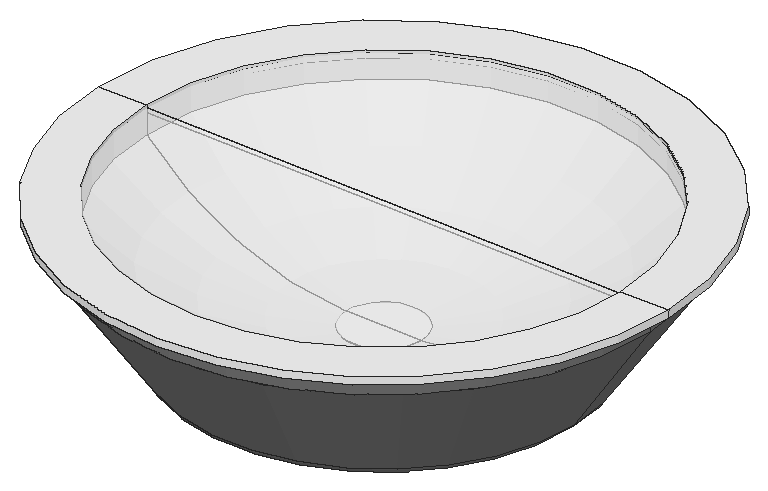
Revit family "0030311", category Lighting Fixtures, host Face, Revit 2016
Family settings
  Host = Face
  Part Type = Normal
  Round Connector Dimension = Use Diameter
  OmniClass Number = 23.80.70.00
  OmniClass Title = Lighting
  Cut with Voids When Loaded = No
  Light Source = Yes
  Shared = No
  Room Calculation Point = No
Parameters (values of type "0030311 Insaver Slim IP44 225 4950lm 840")
  WidthBezel_SYL = if(Size1_SYL, 20 mm, if(Size2_SYL, 20 mm, if(Size3PIR_SYL, 30 mm, if(Size4_SYL, 20 mm, 20 mm))))  # 20 mm
  Weight = "11.4 kg"
  Wattage Comments = ""
  Wattage = 40 W
  WarrantyStartDate [instance] = "n/a"
  WarrantyGuarantorParts = "n/a"
  WarrantyDurationUnit = "n/a"
  WarrantyDurationParts = "n/a"
  WarrantyDescription = "n/a"
  built-in parameter 1150110 = 1 (stored number, unit not read)
  Voltage = 230 V
  VisibilityPIR_SYL = Size3PIR_SYL  # no
  URL = "http://www.sylvania-lighting.com"
  TypeName = "Insaver Slim IP44 225 4950lm 840"
  Type Image = <None>
  Type Comments = "n/a"
  built-in parameter 1114217 = 1 (stored number, unit not read)
  Tilt Angle = -90.00°
  built-in parameter 1150109 = 1 (stored number, unit not read)
  built-in parameter 1150134 = 12
  built-in parameter 1150113 = 1 (stored number, unit not read)
  Size4_SYL = no
  Size3PIR_SYL = no
  Size2_SYL = no
  Size1_SYL = no
  SerialNumber [instance] = "n/a"
  RadiusTop_SYL = 6 mm
  RadiusReflector_SYL = if(Size1_SYL, 85 mm, if(Size2_SYL, 85 mm, if(Size3PIR_SYL, 85 mm, if(Size4_SYL, 100 mm, 120 mm))))  # 120 mm
  Photometric Web File = "0030311.ies"
  Material_3_FEILO = Top-Sylvania-STARTDownlight
  PowerFactor = 0.9
  PowerConsumption = "40 W"
  NominalLength = 240 mm
  NominalHeight = 60 mm
  NominalDepth = 240 mm
  Name = "Insaver Slim IP44 225 4950lm 840"
  ModelReference = Name  # "Insaver Slim IP44 225 4950lm 840"
  ModelNumber = "0030311"
  Model = Name  # "Insaver Slim IP44 225 4950lm 840"
  Material = "aluminium housing, na diffuser"
  ManufacturerName = "Feilo Sylvania"
  Manufacturer = "Feilo Sylvania"
  LuminousEfficacy = "124 lm/W"
  built-in parameter 1150105 = 394.7 (stored number, unit not read)
  Lumens = 4960 lm
  LuminaireType = ""
  built-in parameter 1150115 = 1 (stored number, unit not read)
  LightOutputRatio = "n/a"
  built-in parameter 1150137 = (empty or 0)
  built-in parameter 1150139 = (empty or 0)
  LampsType = Lamp  # "LED"
  LampNominalLuminous = "4950 lm"
  LampMacAdamStep = "5"
  LampColourTemperature = "4000 K"
  LampColourRenderingIndex = "80"
  built-in parameter 1150112 = 1 (stored number, unit not read)
  built-in parameter 1150114 = 1 (stored number, unit not read)
  Lamp = "LED"
  Keynote = "16500"
  InstallationDate [instance] = "n/a"
  InputVoltage = "AC 220-240 V"
  InputNominalFrequency = "50/60 Hz"
  built-in parameter 1150132 = (empty or 0)
  built-in parameter 1150102 = (empty or 0)
  built-in parameter 1150107 = 4000 (stored number, unit not read)
  built-in parameter 1150138 = (empty or 0)
  IngressProtection = "IP40/20"
  ImpactProtectionIndex = "IK07"
  built-in parameter 1150106 = 3.947 (stored number, unit not read)
  IfcExportType = "IfcLightFixtureType"
  IfcExportAs = "IfcLightFixtureType"
  Height_SYL = if(Size1_SYL, 61 mm, if(Size2_SYL, 61 mm, if(Size3PIR_SYL, 61 mm, if(Size4_SYL, 61 mm, 60 mm))))  # 60 mm
  HeightBezel_SYL = if(Size1_SYL, 3 mm, if(Size2_SYL, 3 mm, if(Size3PIR_SYL, 3 mm, if(Size4_SYL, 3.2 mm, 3 mm))))  # 3 mm
  ExpectedLife = 50000
  Emit from Circle Diameter = Diameter_SYL - 40 mm  # 200 mm
  Emit Shape Visible in Rendering = no
  ElectricShockClassification = "Class II"
  built-in parameter 1150104 = 11.52 (stored number, unit not read)
  DurationUnit = "hours"
  DocumentationLiterature = "http://www.sylvania-lighting.com/product/en-int/products/0030311"
  DimmingControlOptions = "n/a"
  Material_2_FEILO = Diffuser-Sylvania-STARTDownlight
  Dimming Lamp Color Temperature Shift = <None>
  Diameter_SYL = if(Size1_SYL, 165 mm, if(Size2_SYL, 190 mm, if(Size3PIR_SYL, 211 mm, if(Size4_SYL, 220 mm, 240 mm))))  # 240 mm
  DiameterTop_SYL = if(Size1_SYL, 98 mm, if(Size2_SYL, 122 mm, if(Size3PIR_SYL, 120 mm, if(Size4_SYL, 135 mm, 158 mm))))  # 158 mm
  DiameterTopBase_SYL = DiameterRecess_SYL  # 225 mm
  DiameterRecess_SYL = if(Size1_SYL, 150 mm, if(Size2_SYL, 170 mm, if(Size3PIR_SYL, 186 mm, if(Size4_SYL, 200 mm, 225 mm))))  # 225 mm
  Description = ""
  Default Elevation = 1219.2 mm
  CreatedOn = "3/18/2019"
  CreatedBy = "@sylvania-lighting.com"
  Cost = 0
  Color Filter = 16777215
  built-in parameter 1114216 [instance] = (empty or 0)
  ClassificationValue = "EF_70_80"
  ClassificationName = "Uniclass2015"
  Material_1_FEILO = Trim-Sylvania-STARTDownlight-White
  BarCode [instance] = "n/a"
  built-in parameter 1114218 = 1 (stored number, unit not read)
  built-in parameter 1150133 = 10 (stored number, unit not read)
  AssetType = "Fixed"
  AssetIdentifier [instance] = "n/a"
  Assembly Code = "D5020200"
  Apparent Load = 40 VA
  Material_4_FEILO = LED-Sylvania-STARTDownlight
Types (2, lengths in mm): name | Wattage | Photometric Web File | PowerConsumption | LuminousEfficacy | built-in parameter 1150105 | Lumens | LampNominalLuminous | built-in parameter 1150106 | built-in parameter 1150104 | Apparent Load
  0030311 Insaver Slim IP44 225 4950lm 840 | 40 W | "0030311.ies" | "40 W" | "124 lm/W" | 394.7 (stored number, unit not read) | 4960 lm | "4950 lm" | 3.947 (stored number, unit not read) | 11.52 (stored number, unit not read) | 40 VA
  0030311 Insaver Slim IP44 225 4950lm 840 Emergency mode | 43 W | "0030311EM.ies" | "43 W" | "10 lm/W" | 34.218 (stored number, unit not read) | 430 lm | "430 lm" | 0.34218 (stored number, unit not read) | 0.92903 (stored number, unit not read) | 43 VA
Reference planes
  plane 1 "Center (Front/Back)": y = 0
  plane 2: z = 0
  plane 3 "Center (Left/Right)": x = 0
  plane 4: x = 120
  plane 5: x = -120
  plane 6: z = 3
  plane 7: z = -8
  plane 8: z = -57
  plane 9: x = -112.5
  plane 10: x = 112.5
  plane 11: x = -79
  plane 12: x = 79
  plane 13: z = -85
  plane 14: x = -100
  plane 15: z = 2
  plane 16: z = -45
  plane 17: x = -16
  plane 18: x = -105
  plane 19: x = -81.5
  plane 20: x = -99.5
  plane 21: x = -114
  plane 22: z = 5.5
  plane 23: z = 8.7
  plane 24: x = -113
  plane 25: z = 13.7
Forms (mm)
  Revolve 1, void
    sketch origin (0, 0, 0) x (1, 0, 0) y (0, 0, 1)
      loop
        line (0, 0) -> (-112.5, 0) -> (-112.5, -85) -> (0, -85) -> (0, 0)
      axis (0, 0) -> (0, -85)
    angle from 360 to 0
  Revolve 2, solid, material "Trim-Sylvania-STARTDownlight-White" <- "Material_1_FEILO"
    sketch origin (0, 0, 0) x (1, 0, 0) y (0, 0, 1)
      loop
        line (-100, 3) -> (-120, 3) -> (-120, 0) -> (-112.5, 0) -> (-112.5, -8) -> (-80.681, -53.768)
        arc (-80.681, -53.768) -> (-78.471, -56.129) -> (-75.357, -57) r 6
        line (-75.357, -57) -> (0, -57) -> (0, -45) -> (-16, -45)
        arc (-16, -45) -> (-61.677, -34.849) -> (-100, -8) r 120
        line (-100, -8) -> (-100, 3)
      axis (0, 3) -> (0, -57)
    angle from 360 to 0
  Revolve 3, solid, material "Diffuser-Sylvania-STARTDownlight" <- "Material_2_FEILO"
    sketch origin (0, 0, 0) x (1, 0, 0) y (0, 0, 1)
      loop
        line (-100, 0) -> (0, 0) -> (0, 2) -> (-100, 2) -> (-100, 0)
      axis (0, 2) -> (0, 0)
    angle from 360 to 0
  Revolve 4, solid, material "Trim-Sylvania-STARTDownlight-White" <- "Material_1_FEILO", visible <- "VisibilityPIR_SYL"
    sketch origin (0, 0, 0) x (1, 0, 0) y (0, 0, 1)
      loop
        line (-105, 3) -> (-105, 13.7)
        arc (-105, 13.7) -> (-109.717, 12.347) -> (-113, 8.7) r 8.9
        line (-113, 8.7) -> (-113, 5.5) -> (-114, 5.5) -> (-114, 3) -> (-105, 3)
      axis (-105, 13.7) -> (-105, 3)
    angle from 360 to 0
Dimensions and locks
  equal spacing: plane 4, plane 3 "Center (Left/Right)", plane 5
  "Diameter_SYL": plane 4 to plane 5
  equal spacing: plane 10, plane 3 "Center (Left/Right)", plane 9
  equal spacing: plane 12, plane 3 "Center (Left/Right)", plane 11
  "DiameterTop_SYL": plane 12 to plane 11
  "HeightBezel_SYL": plane 6 to plane 2
  "Height_SYL": plane 6 to plane 8
  locked: plane 2 to plane 7 at 8
  locked: plane 2 to plane 13 at 85
  "WidthBezel_SYL": plane 14 to plane 5
  locked: plane 6 to plane 15 at 1
  "DiameterRecess_SYL": plane 10 to plane 9
  locked: plane 3 "Center (Left/Right)" to plane 17 at 16
  locked: plane 16 to plane 8 at 12
  locked: plane 18 to plane 21 at 9
  locked: plane 22 to plane 6 at 2.5
  locked: plane 23 to plane 22 at 3.2
  locked: plane 18 to plane 24 at 8
  locked: plane 25 to plane 23 at 5
  locked: plane 25 to Revolve 4 sketch curve at 8.9
  locked: plane 18 to plane 5 at 15
  "RadiusReflector_SYL": radius of Revolve 2 sketch curve
  "RadiusTop_SYL": radius of Revolve 2 sketch curve
  aligned and locked: plane 2 to host face
  aligned and locked: level to host face
  aligned and locked: Revolve 1 sketch curve to plane 3 "Center (Left/Right)"
  aligned and locked: plane 3 "Center (Left/Right)" to Revolve 1 sketch curve
  aligned and locked: Revolve 1 sketch curve to plane 9
  aligned and locked: plane 13 to Revolve 1 sketch curve
  aligned and locked: plane 3 "Center (Left/Right)" to imposter light
  aligned and locked: imposter light to plane 15
  aligned and locked: imposter light to plane 1 "Center (Front/Back)"
  aligned and locked: Revolve 2 sketch curve to plane 3 "Center (Left/Right)"
  aligned and locked: Revolve 2 sketch curve to plane 6
  aligned and locked: Revolve 2 sketch curve to plane 5
  aligned and locked: Revolve 2 sketch curve to level
  aligned and locked: plane 7 to Revolve 2 sketch curve  (x2)
  aligned and locked: Revolve 2 sketch curve to plane 9
  aligned and locked: plane 8 to Revolve 2 sketch curve
  aligned and locked: Revolve 2 sketch curve to plane 14
  aligned and locked: plane 3 "Center (Left/Right)" to Revolve 2 sketch curve
  aligned and locked: Revolve 2 sketch curve to plane 16
  aligned and locked: Revolve 3 sketch curve to plane 3 "Center (Left/Right)"
  aligned and locked: Revolve 3 sketch curve to level
  aligned and locked: imposter light to Revolve 3 sketch curve  (x2)
  aligned and locked: Revolve 4 sketch curve to plane 18  (x2)
  aligned and locked: Revolve 4 sketch curve to plane 6
  aligned and locked: plane 22 to Revolve 4 sketch curve
  aligned and locked: plane 24 to Revolve 4 sketch curve
  aligned and locked: Revolve 4 sketch curve to Revolve 4 sketch curve
  aligned and locked: plane 21 to Revolve 4 sketch curve
Automatic sketch dimensions
  host sketch curve to host sketch curve = 2438.4 mm  (x2)
  plane 13 to Revolve 1 sketch curve = 524.6 mm
  Revolve 1 sketch curve to plane 6 = 2606.058 mm
  Revolve 1 sketch curve to level = 0 mm
  Revolve 2 sketch curve to plane 17 = 0 mm
  Revolve 2 sketch curve to plane 11 = 1.681 mm
  plane 11 to Revolve 2 sketch curve = 3.643 mm
  plane 13 to Revolve 2 sketch curve = 524.6 mm
  Revolve 2 sketch curve to Revolve 2 sketch curve = 2577.983 mm
  Revolve 3 sketch curve to plane 14 = 0 mm
  plane 13 to Revolve 3 sketch curve = 524.6 mm
  Revolve 3 sketch curve to plane 6 = 2606.058 mm
  Revolve 4 sketch curve to plane 23 = 0 mm
  plane 13 to Revolve 4 sketch curve = 524.6 mm
  Revolve 4 sketch curve to Revolve 4 sketch curve = 2595.358 mm
Connectors
  electrical at (0, 0, 0), driven by "Apparent Load", driven by "PowerFactor", driven by "Voltage"
    settings: index 1, voltage 230 V, apparent load 40 VA, apparent load phase1 0 VA, apparent load phase2 0 VA, apparent load phase3 0 VA, power factor 0.9, load classification "Lighting", number of poles 1, system type 30, power factor state 1, is connector primary yes, connector utility no, sub classification motor no, connector description ""
